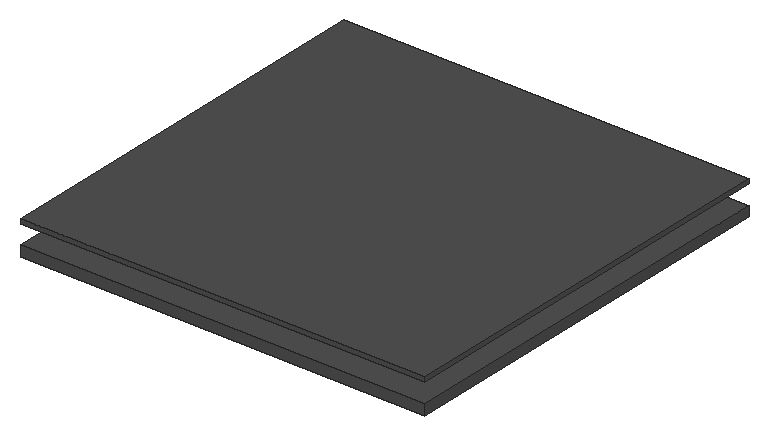
Revit family "Reece_Accessory_Kado_Lux_HiFlow_Exhaust Fan Fascia Only_Square", category Air Terminals, host Face, Revit 2018
Family settings
  Host = Face
  Round Connector Dimension = Use Diameter
  Part Type = Normal
  Cut with Voids When Loaded = No
  Shared = Yes
  Room Calculation Point = Yes
Parameters (values of type "270 mm x 270 mm_Matte Black")
  URL = "https://www.reece.com.au/product/-2020359"
  Type Comments = "Accessory"
  Reece_Product_Web Page = "https://www.reece.com.au/product/-2020359"
  Reece_Product_Type = "Accessory"  # constant formula
  Reece_Product_Sub Brand = "Lux"  # constant formula
  Reece_Product_Number = "2020359"
  Reece_Product_Mount = "Ceiling Mounted"
  Reece_Product_Description = "Kado Lux HiFlow 200 Fascia Only Square Matte Black"
  Reece_Product_Brand = "Kado"  # constant formula
  Reece_Overall_Width = 270 mm
  Reece_Overall_Length = 270 mm
  Reece_Material-Main = Reece_Plastic_ABS_Black
  Reece_Fascia_Type = Reece_Accessory_Kado_Lux_HiFlow_Intake Fascia_Square_200 : Reece_Accessory_Kado_Lux_HiFlow_Intake Fascia_Square_200
  Reece_Equipment_Weight = 0.80 kg
  Reece_Electrical_IP Rating = "IPX4"  # constant formula
  Reece_Detail_Installation = "Exhaust Fan Fascia Only"  # constant formula
  Reece_Detail_Disclaimer = "THIS FILE IS THE PROPERTY OF THE REECE GROUP. IT MAY NOT BE REPRODUCED, REVERSE-ENGINEERED OR MODIFIED. ANY REPUBLICATION, TRANSMISSION OR DISTRIBUTION FOR THE PURPOSE OF COMMERCIALLY EXPLOITING THE FILES IS PROHIBITED."  # constant formula
  Reece_Detail_Additional = "HiFlow"  # constant formula
  Model = "Lux"
  Manufacturer = "Kado"
  Keynote = "Product #2020359, Reece_Accessory_Kado_Lux_HiFlow_Exhaust Fan Fascia Only_Square - 270 mm x 270 mm_Matte Black"
  Disclaimer = "THIS FILE IS THE PROPERTY OF THE REECE GROUP. IT MAY NOT BE REPRODUCED, REVERSE-ENGINEERED OR MODIFIED. ANY REPUBLICATION, TRANSMISSION OR DISTRIBUTION FOR THE PURPOSE OF COMMERCIALLY EXPLOITING THE FILES IS PROHIBITED."  # constant formula
  Description = "Kado Lux HiFlow 200 Fascia Only Square Matte Black"
  Default Elevation = 0 mm
Types (5, lengths in mm): name | URL | Reece_Product_Web Page | Reece_Product_Number | Reece_Product_Description | Reece_Overall_Width | Reece_Overall_Length | Reece_Material-Main | Reece_Fascia_Type | Reece_Equipment_Weight | Keynote | Description
  (no name) | "https://www.reece.com.au/product/-2020359" | "https://www.reece.com.au/product/-2020359" | "2020359" | "Kado Lux HiFlow 200 Fascia Only Square Matte Black" | 270 | 270 | Reece_Plastic_ABS_Black | Reece_Accessory_Kado_Lux_HiFlow_Intake Fascia_Square_200 : Reece_Accessory_Kado_Lux_HiFlow_Intake Fascia_Square_200 | 0.80 kg | "Product #2020359, Reece_Accessory_Kado_Lux_HiFlow_Exhaust Fan Fascia Only_Square -  " | "Kado Lux HiFlow 200 Fascia Only Square Matte Black"
  270 mm x 270 mm_Matte Black | "https://www.reece.com.au/product/-2020359" | "https://www.reece.com.au/product/-2020359" | "2020359" | "Kado Lux HiFlow 200 Fascia Only Square Matte Black" | 270 | 270 | Reece_Plastic_ABS_Black | Reece_Accessory_Kado_Lux_HiFlow_Intake Fascia_Square_200 : Reece_Accessory_Kado_Lux_HiFlow_Intake Fascia_Square_200 | 0.80 kg | "Product #2020359, Reece_Accessory_Kado_Lux_HiFlow_Exhaust Fan Fascia Only_Square - 270 mm x 270 mm_Matte Black" | "Kado Lux HiFlow 200 Fascia Only Square Matte Black"
  326 mm x 326 mm_Matte Black | "https://www.reece.com.au/product/-2020347" | "https://www.reece.com.au/product/-2020347" | "2020347" | "Kado Lux HiFlow 250 Fascia Only Square Matte Black" | 326 | 326 | Reece_Plastic_ABS_Black | Reece_Accessory_Kado_Lux_HiFlow_Intake Fascia_Square_250 : Reece_Accessory_Kado_Lux_HiFlow_Intake Fascia_Square_250 | 1.00 kg | "Product #2020347, Reece_Accessory_Kado_Lux_HiFlow_Exhaust Fan Fascia Only_Square - 326 mm x 326 mm_Matte Black" | "Kado Lux HiFlow 250 Fascia Only Square Matte Black"
  270 mm x 270 mm_Matte White | "https://www.reece.com.au/product/-2020360" | "https://www.reece.com.au/product/-2020360" | "2020360" | "Kado Lux HiFlow 200 Fascia Only Square Matte White" | 270 | 270 | Reece_Plastic_ABS_White | Reece_Accessory_Kado_Lux_HiFlow_Intake Fascia_Square_200 : Reece_Accessory_Kado_Lux_HiFlow_Intake Fascia_Square_200 | 0.80 kg | "Product #2020360, Reece_Accessory_Kado_Lux_HiFlow_Exhaust Fan Fascia Only_Square - 270 mm x 270 mm_Matte White" | "Kado Lux HiFlow 200 Fascia Only Square Matte White"
  326 mm x 326 mm_Matte White | "https://www.reece.com.au/product/-2020348" | "https://www.reece.com.au/product/-2020348" | "2020348" | "Kado Lux HiFlow 250 Fascia Only Square Matte White" | 326 | 326 | Reece_Plastic_ABS_White | Reece_Accessory_Kado_Lux_HiFlow_Intake Fascia_Square_250 : Reece_Accessory_Kado_Lux_HiFlow_Intake Fascia_Square_250 | 1.00 kg | "Product #2020348, Reece_Accessory_Kado_Lux_HiFlow_Exhaust Fan Fascia Only_Square - 326 mm x 326 mm_Matte White" | "Kado Lux HiFlow 250 Fascia Only Square Matte White"
Reference planes
  plane 1 "Center (Front/Back)": y = -79.125
  plane 2 "Ceiling": z = 0
  plane 3 "Center (Left/Right)": x = 0
  plane 4: y = 55.875
  plane 5: x = 135
  plane 6: x = -135
  plane 7: y = -214.125
Text (mm)
  text "Reece Copyright © 2018, Reece Ltd." at (-128.175, -466.152, 0), in view "Ref. Level"
  text "Reece ©" at (78.306, 240.076, 139.55), in view "Reece Preview"
Dimensions and locks
  "Reece_Overall_Width": plane 6 to plane 5
  equal spacing: plane 6, plane 3 "Center (Left/Right)", plane 5
  equal spacing: plane 4, plane 1 "Center (Front/Back)", plane 7
  "Reece_Overall_Length": plane 4 to plane 7
  aligned and locked: plane 2 "Ceiling" to host face
  aligned and locked: level to host face
Automatic sketch dimensions
  host sketch curve to host sketch curve = 696.216 mm
  host sketch curve to host sketch curve = 618.927 mm
Nested families
  nested 1: "Reece_Accessory_Kado_Lux_HiFlow_Intake Fascia_Square_200" at (0, 0, 0), type <- "Reece_Fascia_Type", Reece_Material-Main <- "Reece_Material-Main", type "Reece_Accessory_Kado_Lux_HiFlow_Intake Fascia_Square_200"
    with Reece_Material-Main Reece_Plastic_ABS_Black
Definition of nested family "Reece_Accessory_Kado_Lux_HiFlow_Intake Fascia_Square_200"
  Parameters (values of type "Reece_Accessory_Kado_Lux_HiFlow_Intake Fascia_Square_200")
    URL = ""
    Type Comments = ""
    Reece_Material-Main [instance] = none
    Model = ""
    Manufacturer = ""
    Keynote = ""
    Description = ""
    Default Elevation = 0 mm
    Cost = 0
    Assembly Code = ""
  Reference planes
    plane 1 "Center (Front/Back)": y = -79.125
    plane 2 "Ceiling": z = 0
    plane 3 "Center (Left/Right)": x = 0
    plane 4: x = -135
    plane 5: x = 135
    plane 6: y = 55.875
    plane 7: y = -214.125
  Forms (mm)
    Extrusion 1, solid
      sketch origin (619.2, -619.2, 0) x (1, 0, 0) y (0, 1, 0)
        loop
          line (-961.127, 847.842) -> (-961.127, 228.915) -> (-264.911, 228.915) -> (-264.911, 847.842) -> (-961.127, 847.842)
      from 0 to -10
    Sweep 2, solid, material <- "Reece_Material-Main"
      path origin (0, 0, 0) x (1, 0, 0) y (0, 1, 0)
        loop
          line (135, 55.875) -> (-135, 55.875) -> (-135, -214.125) -> (135, -214.125) -> (135, 55.875)
      profile origin (0, 55.875, 0) x (0, -1, 0) y (0, 0, 1)
        loop
          line (0, 0) -> (2, 0) -> (2, 2) -> (29, 2) -> (29, 7) -> (0, 7) -> (0, 0)
    Extrusion 3, solid, material <- "Reece_Material-Main"
      sketch origin (0, 0, 0) x (1, 0, 0) y (0, 1, 0)
        loop
          line (-106, 26.875) -> (-106, -185.125) -> (106, -185.125) -> (106, 26.875) -> (-106, 26.875)
        loop
          line (-80, 10.875) -> (-90, 0.875) -> (-90, -66.061)
          arc (-90, -66.061) -> (-89.263, -68.673) -> (-87.27, -70.516) r 5
          line (-87.27, -70.516) -> (-79.117, -74.67)
          arc (-79.117, -74.67) -> (-76.387, -79.125) -> (-79.117, -83.58) r 5
          line (-79.117, -83.58) -> (-87.27, -87.734)
          arc (-87.27, -87.734) -> (-89.263, -89.576) -> (-90, -92.189) r 5
          line (-90, -92.189) -> (-90, -159.125) -> (-80, -169.125) -> (-13.064, -169.125)
          arc (-13.064, -169.125) -> (-10.452, -168.388) -> (-8.609, -166.395) r 5
          line (-8.609, -166.395) -> (-4.455, -158.242)
          arc (-4.455, -158.242) -> (0, -155.512) -> (4.455, -158.242) r 5
          line (4.455, -158.242) -> (8.609, -166.395)
          arc (8.609, -166.395) -> (10.452, -168.388) -> (13.064, -169.125) r 5
          line (13.064, -169.125) -> (80, -169.125) -> (90, -159.125) -> (90, -92.189)
          arc (90, -92.189) -> (89.263, -89.576) -> (87.27, -87.734) r 5
          line (87.27, -87.734) -> (79.117, -83.58)
          arc (79.117, -83.58) -> (76.387, -79.125) -> (79.117, -74.67) r 5
          line (79.117, -74.67) -> (87.27, -70.516)
          arc (87.27, -70.516) -> (89.263, -68.673) -> (90, -66.061) r 5
          line (90, -66.061) -> (90, 0.875) -> (80, 10.875) -> (13.064, 10.875)
          arc (13.064, 10.875) -> (10.452, 10.139) -> (8.609, 8.145) r 5
          line (8.609, 8.145) -> (4.455, -0.007)
          arc (4.455, -0.007) -> (0, -2.737) -> (-4.455, -0.007) r 5
          line (-4.455, -0.007) -> (-8.609, 8.145)
          arc (-8.609, 8.145) -> (-10.452, 10.139) -> (-13.064, 10.875) r 5
          line (-13.064, 10.875) -> (-80, 10.875)
      from 3 to 6
    Extrusion 4, solid, material <- "Reece_Material-Main"
      sketch origin (0, 0, 0) x (1, 0, 0) y (0, 1, 0)
        loop
          circle (-84.387, -79.125) r 3
        loop
          circle (84.387, -79.125) r 3
        loop
          circle (0, -163.512) r 3
        loop
          circle (0, 5.263) r 3
        loop
          circle (91, 11.875) r 3
        loop
          circle (91, -170.125) r 3
        loop
          circle (-91, 11.875) r 3
        loop
          circle (-91, -170.125) r 3
      from 6 to 13
    Extrusion 5, solid, material <- "Reece_Material-Main"
      sketch origin (0, 0, 0) x (1, 0, 0) y (0, 1, 0)
        loop
          line (-90.387, -73.125) -> (-90.387, -85.125) -> (-78.387, -85.125) -> (-78.387, -73.125) -> (-90.387, -73.125)
        loop
          line (90.387, -73.125) -> (78.387, -73.125) -> (78.387, -85.125) -> (90.387, -85.125) -> (90.387, -73.125)
        loop
          line (-6, -169.512) -> (6, -169.512) -> (6, -157.512) -> (-6, -157.512) -> (-6, -169.512)
        loop
          line (-6, 11.263) -> (-6, -0.737) -> (6, -0.737) -> (6, 11.263) -> (-6, 11.263)
        loop
          line (96.99, 17.875) -> (84.99, 17.875) -> (84.99, 5.875) -> (96.99, 5.875) -> (96.99, 17.875)
        loop
          line (96.99, -176.125) -> (96.99, -164.125) -> (84.99, -164.125) -> (84.99, -176.125) -> (96.99, -176.125)
        loop
          line (-96.99, 17.875) -> (-96.99, 5.875) -> (-84.99, 5.875) -> (-84.99, 17.875) -> (-96.99, 17.875)
        loop
          line (-96.99, -176.125) -> (-84.99, -176.125) -> (-84.99, -164.125) -> (-96.99, -164.125) -> (-96.99, -176.125)
      from 13 to 20
    Extrusion 6, solid, material <- "Reece_Material-Main"
      sketch origin (0, 0, 0) x (1, 0, 0) y (0, 1, 0)
        loop
          line (-135, 55.875) -> (-135, -214.125) -> (135, -214.125) -> (135, 55.875) -> (-135, 55.875)
      from 20 to 23
  Text (mm)
    text "Reece Copyright © 2018, Reece Ltd." at (-128.175, -466.152, 0), in view "Ref. Level"
    text "Reece ©" at (78.306, 240.076, 139.55), in view "Reece Preview"
  Dimensions and locks
    equal spacing: plane 4, plane 3 "Center (Left/Right)", plane 5
    plane 4 to plane 5 = 270 mm
    equal spacing: plane 7, plane 1 "Center (Front/Back)", plane 6
    plane 7 to plane 6 = 270 mm
    aligned and locked: plane 2 "Ceiling" to Extrusion 1
    aligned and locked: level to Extrusion 1
  Automatic sketch dimensions
    Extrusion 1 sketch curve to Extrusion 1 sketch curve = 696.216 mm
    Extrusion 1 sketch curve to Extrusion 1 sketch curve = 618.927 mm
    Sweep 2 sketch curve to plane 4 = 0 mm
    plane 5 to Sweep 2 sketch curve = 0 mm
    plane 7 to Sweep 2 sketch curve = 0 mm
    Sweep 2 sketch curve to plane 6 = 0 mm
    Sweep 2 sketch curve to profile plane = 0 mm
    Sweep 2 sketch curve to level = 0 mm
    Sweep 2 sketch curve to profile plane = 2 mm
    level to Sweep 2 sketch curve = 2 mm
    Sweep 2 sketch curve to Sweep 2 sketch curve = 27 mm
    Sweep 2 sketch curve to Sweep 2 sketch curve = 5 mm
    plane 1 "Center (Front/Back)" to Extrusion 3 sketch curve = 0 mm  (x2)
    Extrusion 3 sketch curve to plane 3 "Center (Left/Right)" = 0 mm  (x2)
    Extrusion 3 sketch curve to plane 3 "Center (Left/Right)" = 4.455 mm  (x2)
    Extrusion 3 sketch curve to plane 3 "Center (Left/Right)" = 8.609 mm  (x2)
    Extrusion 3 sketch curve to Extrusion 3 sketch curve = 4.455 mm  (x4)
    Extrusion 3 sketch curve to plane 1 "Center (Front/Back)" = 4.455 mm  (x2)
    plane 4 to Extrusion 3 sketch curve = 55.883 mm
    plane 1 "Center (Front/Back)" to Extrusion 3 sketch curve = 4.455 mm  (x2)
    plane 4 to Extrusion 3 sketch curve = 55 mm  (x2)
    Extrusion 3 sketch curve to Extrusion 3 sketch curve = 2.27 mm  (x12)
    Extrusion 3 sketch curve to Extrusion 3 sketch curve = 5.883 mm  (x8)
    Extrusion 3 sketch curve to plane 1 "Center (Front/Back)" = 8.609 mm  (x2)
    plane 1 "Center (Front/Back)" to Extrusion 3 sketch curve = 8.609 mm  (x2)
    Extrusion 3 sketch curve to Extrusion 3 sketch curve = 5 mm  (x2)
    Extrusion 3 sketch curve to Extrusion 3 sketch curve = 10 mm  (x2)
    plane 4 to Extrusion 3 sketch curve = 29 mm
    plane 3 "Center (Left/Right)" to Extrusion 3 sketch curve = 4.455 mm  (x2)
    plane 3 "Center (Left/Right)" to Extrusion 3 sketch curve = 8.609 mm  (x2)
    Extrusion 3 sketch curve to plane 5 = 55.883 mm
    Extrusion 3 sketch curve to plane 5 = 55 mm  (x2)
    Extrusion 3 sketch curve to plane 5 = 29 mm
    Extrusion 3 sketch curve to plane 7 = 55.883 mm
    Extrusion 3 sketch curve to plane 7 = 55 mm  (x2)
    Extrusion 3 sketch curve to plane 7 = 29 mm
    plane 6 to Extrusion 3 sketch curve = 55.883 mm
    plane 6 to Extrusion 3 sketch curve = 55 mm  (x2)
    plane 6 to Extrusion 3 sketch curve = 29 mm
    plane 1 "Center (Front/Back)" to Extrusion 4 sketch curve = 0 mm  (x2)
    Extrusion 4 sketch curve to plane 3 "Center (Left/Right)" = 0 mm  (x2)
    plane 4 to Extrusion 4 sketch curve = 50.613 mm
    plane 4 to Extrusion 4 sketch curve = 44 mm  (x2)
    Extrusion 4 sketch curve to plane 5 = 50.613 mm
    Extrusion 4 sketch curve to plane 5 = 44 mm  (x2)
    Extrusion 4 sketch curve to plane 7 = 50.613 mm
    Extrusion 4 sketch curve to plane 7 = 44 mm  (x2)
    plane 6 to Extrusion 4 sketch curve = 50.613 mm
    plane 6 to Extrusion 4 sketch curve = 44 mm  (x2)
    plane 4 to Extrusion 5 sketch curve = 38.01 mm  (x2)
    Extrusion 5 sketch curve to plane 1 "Center (Front/Back)" = 6 mm  (x2)
    plane 4 to Extrusion 5 sketch curve = 44.613 mm
    Extrusion 5 sketch curve to Extrusion 5 sketch curve = 12 mm  (x12)
    Extrusion 5 sketch curve to plane 3 "Center (Left/Right)" = 6 mm  (x2)
    plane 3 "Center (Left/Right)" to Extrusion 5 sketch curve = 6 mm  (x2)
    plane 1 "Center (Front/Back)" to Extrusion 5 sketch curve = 6 mm  (x2)
    Extrusion 5 sketch curve to plane 5 = 56.613 mm
    Extrusion 5 sketch curve to plane 5 = 50.01 mm  (x2)
    Extrusion 5 sketch curve to plane 7 = 56.613 mm
    Extrusion 5 sketch curve to plane 7 = 50 mm  (x2)
    plane 6 to Extrusion 5 sketch curve = 56.613 mm
    plane 6 to Extrusion 5 sketch curve = 50 mm  (x2)
    Extrusion 6 sketch curve to plane 4 = 0 mm
    Extrusion 6 sketch curve to plane 5 = 0 mm
    plane 7 to Extrusion 6 sketch curve = 0 mm
    plane 6 to Extrusion 6 sketch curve = 0 mm
    radius of Extrusion 4 sketch curve = 3 mm  (x8)
